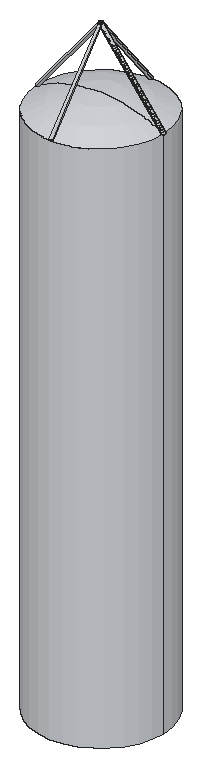
Revit family "Груша боксёрская Цилиндрическая 1800х400", category Оборудование, Revit 2017
Family settings
  Размер круглого соединителя = Использовать диаметр
  Тип детали = Нормальный
  На основе рабочей плоскости = Нет
  Всегда вертикально = Да
  При загрузке вырезать с полостями = Нет
  Общий = Нет
  Точка расчета площади = Нет
Parameters (values of type "Груша боксёрская цилиндрическая")
  Ширина = 400.0 mm
  Примечание = ""
  Обозначение = ""
  Наименование = "Груша боксёрская цилиндрическая"
  Масса = "90"
  Код оборудования = ""
  Keynote = ""
  Изготовитель = "Severin"
  Завод = ""
  Единицы = "шт."
  Группа модели = "ТХ"
  Глубина = 400.0 mm
  Высота = 1800.0 mm
Reference planes
  plane 1 "По центру (Вперед/Назад)": y = 0
  plane 2: z = 0
  plane 3 "По центру (Влево/Вправо)": x = 0
  plane 4: z = 2000
  plane 5: through (206.93, -1524, 1941.464) normal (-0.7764, 0, -0.6303)
  plane 6: z = 200
  plane 7: z = 250
  plane 8: z = 1950
  plane 9: x = 200
  plane 10: through (278.825, -1524, 2013.995) normal (0.6303, 0, -0.7764)
Forms (mm)
  Revolve 1, solid
    sketch origin (0, 0, 0) x (1, 0, 0) y (0, 0, 1)
      loop
        line (0, 2000) -> (0, 200)
        arc (0, 200) -> (103.005, 212.979) -> (200, 250) r 434.923
        line (200, 250) -> (200, 1950)
        arc (200, 1950) -> (103.018, 1987.072) -> (0, 2000) r 433.157
      axis (0, 2000) -> (0, 200)
    angle from 0 to 360
  Extrusion 2, solid
    sketch origin (278.825, -1524, 2013.995) x (0.776358, 0, 0.630292) y (0, -1, 0)
      loop
        circle (-101.532, -1524) r 5
    from 0 to -320
  Extrusion 3, solid
    sketch origin (-277.992, 1524, 2014.286) x (-0.776358, 0, 0.630292) y (0, 1, 0)
      loop
        circle (-101.532, -1524) r 5
    from 0 to -320
  Extrusion 4, solid
    sketch origin (-1524, -277.992, 2014.286) x (0, -0.776358, 0.630292) y (-1, 0, 0)
      loop
        circle (-101.532, -1524) r 5
    from 0 to -320
  Extrusion 5, solid
    sketch origin (277.992, -1524, 2014.286) x (0.776358, 0, 0.630292) y (0, -1, 0)
      loop
        circle (-101.532, -1524) r 5
    from 0 to -320
  Extrusion 6, solid
    sketch origin (1524, 277.992, 2014.286) x (0, 0.776358, 0.630292) y (1, 0, 0)
      loop
        circle (-101.532, -1524) r 5
    from 0 to -320
  Extrusion 7, solid
    sketch origin (277.992, -1524, 2014.286) x (0.776358, 0, 0.630292) y (0, -1, 0)
      loop
        circle (-101.532, -1524) r 5
    from 0 to -320
Lines and regions (mm)
  model lines, detail levels coarse+medium
    curve 1: line (200, 0, 1950) -> (0, 0, 2196.349)
Dimensions and locks
  aligned and locked: level to plane 2
